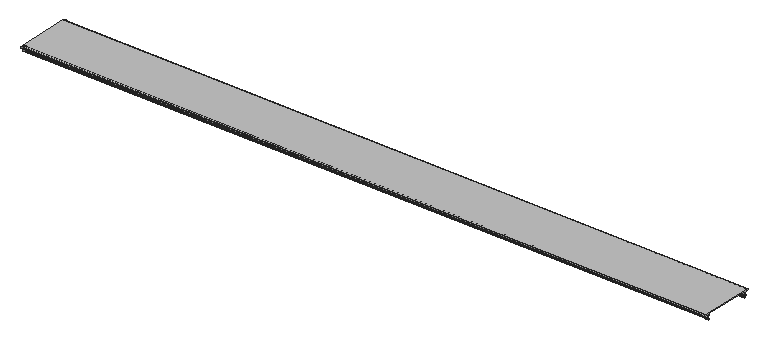
Revit family "Specialty_Equipment-Metal_Raceway-Hubbell_Wiring-Single_Channel_Cover-HBL4750C", category Specialty Equipment, host Face, Revit 2015
Parameters (values of type "HBL4750CGY - Gray")
  URL = "http://www.hubbell-wiring.com/"
  Product data url = "https://bimobject.com/hubbellwiring/product/hubbell-metal-raceway-hbl4750"
  Product Page URL = "http://ecatalog.hubbell-wiring.com/ProductInformation/ViewCatalog.aspx?Dest=hubbell-wiring.com/press/catalog/o.pdf&Page=21"
  Product Documentation Link = "http://www.hubbell-wiring.com/press/pdfs/h5233r08.pdf"
  Number of Segments [instance] = roundup(Length / 5' 0")  # 1
  Model = "HBL4750CGY"
  Manufacturer = "Hubbell-Wiring"  # constant formula
  Length Note [instance] = "Available in 5 foot Segments"  # constant formula
  Length [instance] = 5' - 0"
  Host Note = "Add in Plan View; Host to Wall"  # constant formula
  Description = "Single Channel Cover"  # constant formula
  Default Elevation = 0' - 0"
  Cable Tray Material = Metal-Hubbell-Gray Powder Coat
  Assembly Code = "D5090900"
Types (3): name | Model | Cable Tray Material
  (no name) | "HBL4750CIV" | Metal-Hubbell-Ivory Powder Coat
  HBL4750CGY - Gray | "HBL4750CGY" | Metal-Hubbell-Gray Powder Coat
  HBL4750CIV - Ivory | "HBL4750CIV" | Metal-Hubbell-Ivory Powder Coat
Reference planes (in)
  plane 1 "Center (Front/Back)": y = 0
  plane 2: z = 0
  plane 3 "Left": x = 0
  plane 4 "Right": x = 60
Forms (in)
  Extrusion 1, solid, material "Metal-Hubbell-Gray Powder Coat" <- "Cable Tray Material"
    sketch origin (0, 0, 0.05469) x (0, 1, 0) y (0, 0, 1)
      loop
        line (1.96372, 1.40691) -> (2.04678, 1.26614)
        arc (2.04678, 1.26614) -> (2.05101, 1.23564) -> (2.03233, 1.21117) r 0.04
        line (2.03233, 1.21117) -> (1.94575, 1.16118) -> (1.96575, 1.12654) -> (2.05233, 1.17653)
        arc (2.05233, 1.17653) -> (2.0897, 1.22547) -> (2.08123, 1.28646) r 0.08
        line (2.08123, 1.28646) -> (1.99824, 1.42712)
        arc (1.99824, 1.42712) -> (1.9976, 1.51749) -> (2.07575, 1.56286) r 0.09
        line (2.07575, 1.56286) -> (2.33, 1.56286)
        arc (2.33, 1.56286) -> (2.375, 1.60786) -> (2.33, 1.65286) r 0.045
        line (2.33, 1.65286) -> (-2.33, 1.65286)
        arc (-2.33, 1.65286) -> (-2.375, 1.60786) -> (-2.33, 1.56286) r 0.045
        line (-2.33, 1.56286) -> (-2.07575, 1.56286)
        arc (-2.07575, 1.56286) -> (-1.9976, 1.51749) -> (-1.99824, 1.42712) r 0.09
        line (-1.99824, 1.42712) -> (-2.08123, 1.28646)
        arc (-2.08123, 1.28646) -> (-2.0897, 1.22547) -> (-2.05233, 1.17653) r 0.08
        line (-2.05233, 1.17653) -> (-1.96575, 1.12654) -> (-1.94575, 1.16118) -> (-2.03233, 1.21117)
        arc (-2.03233, 1.21117) -> (-2.05101, 1.23564) -> (-2.04678, 1.26614) r 0.04
        line (-2.04678, 1.26614) -> (-1.96372, 1.40691)
        arc (-1.96372, 1.40691) -> (-1.96287, 1.53768) -> (-2.07607, 1.60315) r 0.13012
        line (-2.07607, 1.60315) -> (2.07607, 1.60315)
        arc (2.07607, 1.60315) -> (1.96287, 1.53768) -> (1.96372, 1.40691) r 0.13012
    from 0 to 60
Lines and regions (in)
  Masking region 1
    outline origin (0, 0, 0) x (1, 0, 0) y (0, 0, 1)
      loop
        line (0, 1.70755) -> (0, 1.18123) -> (60, 1.18123) -> (60, 1.70755) -> (0, 1.70755)
  symbolic lines, detail levels medium+fine
    curve 1: line (0, 0, 1.65784) -> (60, 0, 1.65784)
    curve 2: line (0, 0, 1.21587) -> (60, 0, 1.21587)
  symbolic lines, detail levels fine
    curve 3: line (0, 0, 1.61755) -> (60, 0, 1.61755)
Dimensions and locks (in)
  "Length": plane 3 "Left" to plane 4 "Right"
  locked: Extrusion 1 to host face at 1.70755
  locked: plane 1 "Center (Front/Back)" to Extrusion 1 at 1.94575
  Masking region 1 to Masking region 1 to host face = 0' - 0.52632" locked, 0' - 1.18123" locked
  aligned and locked: host face to plane 2
  aligned and locked: level to host face
  aligned and locked: plane 4 "Right" to Extrusion 1
  aligned and locked: Masking region 1 sketch curve to Extrusion 1  (x4)
  aligned and locked: curve 1 to Extrusion 1
  aligned and locked: curve 2 to Extrusion 1
  aligned and locked: curve 3 to Extrusion 1
Automatic sketch dimensions
  host sketch curve to host sketch curve = 14' - 7.87322"
  host sketch curve to host sketch curve = 8' - 0"
  Extrusion 1 sketch curve to Extrusion 1 sketch curve = 0' - 0"  (x4)
  plane 1 "Center (Front/Back)" to Extrusion 1 sketch curve = 0' - 2.33"
  Extrusion 1 sketch curve to Extrusion 1 sketch curve = 0' - 0.24877"
  Extrusion 1 sketch curve to Extrusion 1 sketch curve = 0' - 0 65/256"  (x2)
  Extrusion 1 sketch curve to Extrusion 1 sketch curve = 0' - 0.00029"
  Extrusion 1 sketch curve to Extrusion 1 sketch curve = 0' - 0.00032"  (x2)
  Extrusion 1 sketch curve to Extrusion 1 sketch curve = 0' - 0.0289"
  Extrusion 1 sketch curve to Extrusion 1 sketch curve = 0' - 0.03445"  (x4)
  Extrusion 1 sketch curve to Extrusion 1 sketch curve = 0' - 0.02"  (x5)
  Extrusion 1 sketch curve to Extrusion 1 sketch curve = 0' - 0.07751"  (x2)
  Extrusion 1 sketch curve to Extrusion 1 sketch curve = 0' - 0.08658"
  Extrusion 1 sketch curve to Extrusion 1 sketch curve = 0' - 0.03452"  (x2)
  Extrusion 1 sketch curve to plane 1 "Center (Front/Back)" = 0' - 1.94575"
  Extrusion 1 sketch curve to Extrusion 1 sketch curve = 0' - 0.01797"
  level to Extrusion 1 sketch curve = 0' - 1.18123"
  Extrusion 1 sketch curve to Extrusion 1 sketch curve = 0' - 0.06658"
  Extrusion 1 sketch curve to Extrusion 1 sketch curve = 0' - 0.00004"
  Extrusion 1 sketch curve to Extrusion 1 sketch curve = 0' - 0.03464"  (x4)
  Extrusion 1 sketch curve to Extrusion 1 sketch curve = 0' - 0.14078"  (x2)
  Extrusion 1 sketch curve to Extrusion 1 sketch curve = 0' - 0.02021"  (x2)
  Extrusion 1 sketch curve to Extrusion 1 sketch curve = 0' - 0.04573"  (x2)
  Extrusion 1 sketch curve to Extrusion 1 sketch curve = 0' - 0.00017"  (x2)
  Extrusion 1 sketch curve to Extrusion 1 sketch curve = 0' - 0.045"
  curve 3 to plane 3 "Left" = 0' - 0"
  curve 2 to plane 3 "Left" = 0' - 0"
  curve 1 to plane 3 "Left" = 0' - 0"
  curve 2 to plane 4 "Right" = 0' - 0"
  curve 3 to plane 4 "Right" = 0' - 0"
  curve 1 to plane 4 "Right" = 0' - 0"
  level to curve 2 = 0' - 1.21587"
  curve 2 to curve 3 = 0' - 0.40167"
  curve 3 to curve 1 = 0' - 0.04029"
